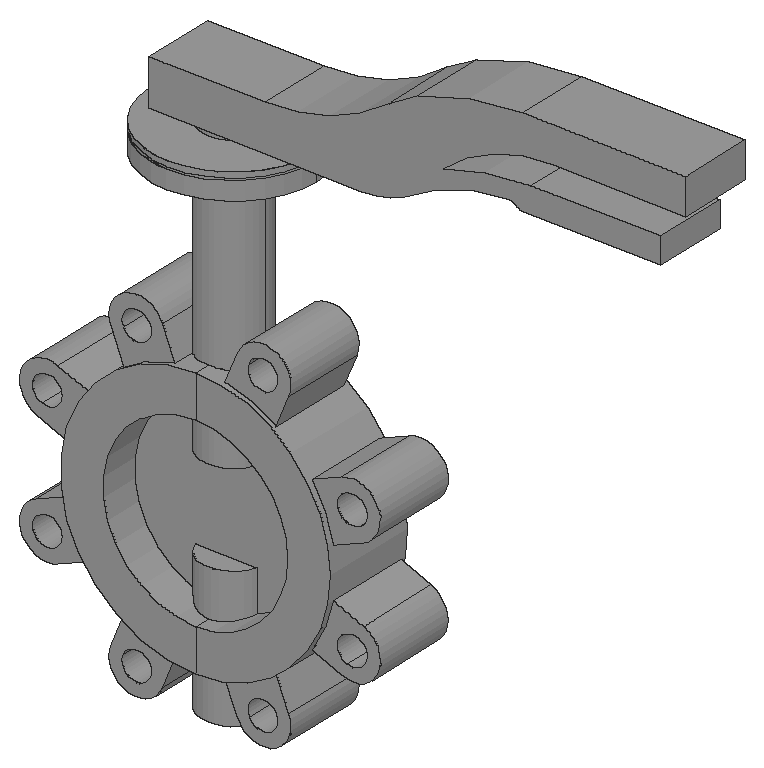
Revit family "2M_Butterfly Valve_UNIVAL_BLN-0202 - 40-600 mm", category Pipe Accessories, Revit 2016
Family settings
  Part Type = Valve - Breaks Into
  Round Connector Dimension = Use Diameter
  OmniClass Number = 23.65.55.14.17
  OmniClass Title = Adjusting/Controlling Valves for Liquid Services
  Work Plane-Based = No
  Always vertical = Yes
  Cut with Voids When Loaded = No
  Shared = No
Parameters (values of type "DN100")
  d = 16 mm
  built-in parameter 1114242 [instance] = 1
  T = -10 mm
  Symbol_consist = E / 30 * 17  # 29.183 mm
  Seat Material = "EPDM, NBR"  # constant formula
  Loss Method = K Coefficient from Table
  Kv = 760
  LugHole_pcs = 8
  LugrAxis_dist = Body_r + 12 mm  # 85 mm
  URL = "http://www.unival.com.tr/"
  Stem_top_h = 1 mm
  Standard No = "TS EN 593+A1"
  Pressure Rating = "PN16"
  Operator Type = M_Handle - Curved : Lever_260mm
  Model = "BLN-0202X100"
  Max. Working Temperature = "EPDM 120°C (water), NBR 90°C (water and petroleum oil)"
  Max. Working Pressure = "11 Bar"
  Max Diff. Pressure (Allowed) = "3 Bar"
  Manufacturer = "Giacomini Unival\r\nGiacomini Unival"
  K Coefficient Table = "Butterfly Valve Full Open"
  Gasket Material = "EPDM / NBR"
  Stem_D = 34.5 mm
  Disc_r = DN / 2  # 50 mm
  Disc Material = "Stainless steel"  # constant formula
  Description TR = "Lug tipi kelebek vana"  # constant formula
  Description = "Lug type butterfly valve"  # constant formula
  Lug_do = d + 14 mm  # 30 mm
  DN = 100 mm
  D = 90 mm
  Connection Type = "Lug"
  Certifications = "TSE EAC CE"
  E = 51.5 mm
  Body Material = "Cast iron"
  Body_r = DN / 2 + 23 mm  # 73 mm
  B = 100 mm
  Lug_angle = 22.50°
  A = 180 mm
Types (15, lengths in mm): name | d | T | Symbol_consist | Kv | LugHole_pcs | LugrAxis_dist | Stem_top_h | Operator Type | Model | Max Diff. Pressure (Allowed) | Gasket Material | Stem_D | Disc_r | Lug_do | DN | D | E | Body_r | B | Lug_angle | A
  DN100 | 16 | -10 | 29.183 | 760 | 8 | 85 | 1 | M_Handle - Curved : Lever_260mm | "BLN-0202X100" | "3 Bar" | "EPDM / NBR" | 34.5 | 50 | 30 | 100 | 90 | 51.5 | 73 | 100 | 22.50° | 180
  DN250 | 24 | -10 | 38.817 | 5050 | 12 | 160 | 26 | M_Handle - Curved : Lever_416mm | "BLN-0202X250" | "1.5 Bar" | "EPDM, NBR" | 45.888 | 125 | 38 | 250 | 125 | 68.5 | 148 | 200 | 30.00° | 274
  DN40 | 16 | -10 | 19.55 | 49.5 | 4 | 55 | 1 | M_Handle - Curved : Lever_260mm | "BLN-0202X040" | "3 Bar" | "EPDM, NBR" | 23.112 | 20 | 30 | 40 | 90 | 34.5 | 43 | 63.5 | 90.00° | 140
  DN50 | 16 | -10 | 24.367 | 115 | 4 | 60 | 1 | M_Handle - Curved : Lever_260mm | "BLN-0202X050" | "3 Bar" | "EPDM, NBR" | 28.806 | 25 | 30 | 50 | 90 | 43 | 48 | 68.5 | 90.00° | 140
  DN65 | 16 | -10 | 25.5 | 255 | 4 | 67.5 | 1 | M_Handle - Curved : Lever_260mm | "BLN-0202X065" | "3 Bar" | "EPDM, NBR" | 30.146 | 32.5 | 30 | 65 | 90 | 45 | 55.5 | 76 | 90.00° | 152
  DN80 | 16 | -10 | 26.067 | 375 | 4 | 75 | 1 | M_Handle - Curved : Lever_260mm | "BLN-0202X080" | "3 Bar" | "EPDM, NBR" | 30.816 | 40 | 30 | 80 | 90 | 46 | 63 | 85 | 90.00° | 160
  DN125 | 16 | -10 | 31.733 | 1030 | 8 | 97.5 | 1 | M_Handle - Curved : Lever_260mm | "BLN-0202X125" | "3 Bar" | "EPDM, NBR" | 37.515 | 62.5 | 30 | 125 | 90 | 56 | 85.5 | 120 | 22.50° | 191
  DN150 | 16 | -10 | 32.017 | 1790 | 8 | 110 | 1 | M_Handle - Curved : Lever_260mm | "BLN-0202X150" | "3 Bar" | "EPDM, NBR" | 37.85 | 75 | 30 | 150 | 90 | 56.5 | 98 | 132 | 22.50° | 202
  DN200 | 20 | -10 | 34 | 3450 | 12 | 135 | 23 | M_Handle - Curved : Lever_326mm | "BLN-0202X200" | "3 Bar" | "EPDM, NBR" | 40.194 | 100 | 34 | 200 | 125 | 60 | 123 | 160 | 30.00° | 237
  DN300 | 24 | -10 | 45.05 | 7420 | 12 | 185 | 26 | M_Handle - Curved : Lever_416mm | "BLN-0202X300" | "1.5 Bar" | "EPDM, NBR" | 53.257 | 150 | 38 | 300 | 125 | 79.5 | 173 | 230 | 30.00° | 312
  DN350 | 24 | -24 | 44.2 | 10300 | 16 | 210 | 1 | M_Gear - Operator  : GearS | "BLN-0202X350" | "" | "EPDM, NBR" | 52.252 | 175 | 38 | 350 | 125 | 78 | 198 | 280 | 11.25° | 368
  DN400 | 27 | -25 | 49.867 | 14007 | 16 | 235 | 1 | M_Gear - Operator  : GearM | "BLN-0202X400" | "" | "EPDM, NBR" | 58.951 | 200 | 41 | 400 | 175 | 88 | 223 | 310 | 11.25° | 400
  DN450 | 27 | -26 | 61.767 | 18551 | 20 | 260 | 1 | M_Gear - Operator  : GearM | "BLN-0202X450" | "" | "EPDM, NBR" | 73.019 | 225 | 41 | 450 | 175 | 109 | 248 | 340 | 90.00° | 422
  DN500 | 30 | -25 | 71.967 | 23853 | 20 | 285 | 1 | M_Gear - Operator  : GearL | "BLN-0202X500" | "" | "EPDM, NBR" | 85.078 | 250 | 44 | 500 | 210 | 127 | 273 | 388 | 90.00° | 480
  DN600 | 33 | -30 | 87.267 | 36894 | 20 | 335 | 1 | M_Gear - Operator  : GearL | "BLN-0202X600" | "" | "EPDM, NBR" | 103.165 | 300 | 47 | 600 | 210 | 154 | 323 | 450 | 30.00° | 562
Reference planes
  plane 1 "Center (Front/Back)": y = 0
  plane 2: z = 0
  plane 3 "Center (Left/Right)": x = 0
  plane 4 "Disk": z = 50
  plane 5 "Disc 2": z = -50
  plane 6 "A": z = 180
  plane 7: z = -100
  plane 8: z = 25
  plane 9: z = -25
  plane 10 "Handle_Plane": z = 181
  plane 11 "Wafer 2": y = 25.75
  plane 12 "Wafer": y = -25.75
  plane 13: x = -84.994
  plane 14: x = 84.994
Forms (mm)
  Extrusion 1, solid, material "UNIVAL_Grey", detail levels fine
    sketch origin (0, 0, 0) x (1, 0, 0) y (0, 0, 1)
      loop
        circle (0, 0) r 50
    from -5 to 5
  Revolve 2, solid, material "UNIVAL_IRON", detail levels fine
    sketch origin (0, 0, 0) x (0, 1, 0) y (0, 0, 1)
      loop
        line (25.75, 73) -> (-25.75, 73) -> (-25.75, 50) -> (25.75, 50) -> (25.75, 73)
      axis (25.75, 0) -> (-25.75, 0)
    angle from 0 to 360
  Extrusion 3, solid, material "UNIVAL_IRON", detail levels fine
    sketch origin (0, 0, 0) x (1, 0, 0) y (0, 1, 0)
      loop
        circle (0, 0) r 17.25
    from 50 to 180
  Extrusion 4, solid, material "UNIVAL_IRON", detail levels fine
    sketch origin (0, 0, 0) x (1, 0, 0) y (0, 1, 0)
      loop
        circle (0, 0) r 17.25
    from -100 to -50
  Extrusion 5, solid, material "UNIVAL_IRON", detail levels fine
    sketch origin (0, 0, 180) x (1, 0, 0) y (0, 1, 0)
      loop
        circle (0, 0) r 45
    from -10 <- "T" to 0
  Extrusion 6, solid, material "UNIVAL_Grey", detail levels fine
    sketch origin (0, 0, 50) x (-1, 0, 0) y (0, -1, 0)
      loop
        circle (0, 0) r 17.25
    from -25 to 0
  Extrusion 7, solid, material "UNIVAL_Grey", detail levels fine
    sketch origin (0, 0, -50) x (-1, 0, 0) y (0, -1, 0)
      loop
        circle (0, 0) r 17.25
    from 0 to 25
  Extrusion 8, solid, material "UNIVAL_IRON", detail levels fine
    sketch origin (-1351.99, -1524, 180) x (-1, 0, 0) y (0, -1, 0)
      loop
        circle (-1351.99, -1524) r 45
    from 0 to 1 <- "Stem_top_h"
Cuts and joins
  joined: Revolve 2, Extrusion 3, Extrusion 4, Extrusion 5
  joined: Extrusion 1, Extrusion 6, Extrusion 7
Lines and regions (mm)
  model lines, detail levels coarse+medium
    curve 1: line (-14.592, 25.75, 0) -> (14.592, 25.75, 0)
    curve 3: line (14.592, -25.75, 0) -> (-14.592, -25.75, 0)
    curve 5: line (-14.592, -25.75, 0) -> (14.592, 25.75, 0)
    curve 6: line (14.592, -25.75, 0) -> (-14.592, 25.75, 0)
  model lines, not visible, detail levels coarse+medium
    curve 2: line (-14.592, -25.75, 0) -> (-14.592, 25.75, 0)
    curve 4: line (14.592, 25.75, 0) -> (14.592, -25.75, 0)
  reference lines
    curve 7: line (0, 25.75, 0) -> (13.899, 25.75, 33.556)
Dimensions and locks
  equal spacing: Revolve 2 sketch curve, plane 1 "Center (Front/Back)", Revolve 2 sketch curve
  "E": Revolve 2 sketch curve to Revolve 2 sketch curve
  "Disc_r": Revolve 2 sketch curve to Revolve 2 sketch curve
  "Body_r": Revolve 2 sketch curve to Revolve 2 sketch curve
  "Disc_r": plane 4 "Disk" to plane 2
  "Disc_r": level to plane 5 "Disc 2"
  "A": plane 6 "A" to plane 2
  "B": level to plane 7
  equal spacing: plane 4 "Disk", plane 8, level
  equal spacing: level, plane 9, plane 5 "Disc 2"
  "Stem_top_h": plane 10 "Handle_Plane" to plane 6 "A"
  "E": plane 12 "Wafer" to plane 11 "Wafer 2"
  equal spacing: plane 12 "Wafer", plane 1 "Center (Front/Back)", plane 11 "Wafer 2"
  "Symbol_consist": curve 2 to curve 1
  equal spacing: curve 2, plane 3 "Center (Left/Right)", curve 4
  "Disc_r": radius of Extrusion 1 sketch curve
  "Stem_D": diameter of Extrusion 3 sketch curve
  "Stem_D": diameter of Extrusion 4 sketch curve
  "D": diameter of Extrusion 5 sketch curve
  "Stem_D": diameter of Extrusion 6 sketch curve
  "Stem_D": diameter of Extrusion 7 sketch curve
  "D": diameter of Extrusion 8 sketch curve
  "Lug_angle": angle curve 7 to plane 3 "Center (Left/Right)"
  aligned and locked: level to plane 2
  aligned and locked: Revolve 2 sketch curve to level
  aligned and locked: Extrusion 3 to plane 4 "Disk"
  aligned and locked: plane 6 "A" to Extrusion 3
  aligned and locked: plane 5 "Disc 2" to Extrusion 4
  aligned and locked: plane 7 to Extrusion 4
  aligned and locked: Extrusion 6 to Extrusion 3
  aligned and locked: Extrusion 6 to plane 8
  aligned and locked: plane 9 to Extrusion 7
  aligned and locked: Extrusion 7 to plane 5 "Disc 2"
Automatic sketch dimensions
  Extrusion 1 sketch curve to level = 0 mm
  Extrusion 1 sketch curve to plane 3 "Center (Left/Right)" = 0 mm
  plane 12 "Wafer" to Revolve 2 sketch curve = 2821.218 mm
  Revolve 2 sketch curve to plane 11 "Wafer 2" = 1437.719 mm
  plane 1 "Center (Front/Back)" to Extrusion 3 sketch curve = 0 mm
  Extrusion 3 sketch curve to plane 3 "Center (Left/Right)" = 0 mm
  plane 1 "Center (Front/Back)" to Extrusion 4 sketch curve = 0 mm
  Extrusion 4 sketch curve to plane 3 "Center (Left/Right)" = 0 mm
  plane 1 "Center (Front/Back)" to Extrusion 6 sketch curve = 0 mm
  Extrusion 6 sketch curve to plane 3 "Center (Left/Right)" = 0 mm
  plane 1 "Center (Front/Back)" to Extrusion 7 sketch curve = 0 mm
  Extrusion 7 sketch curve to plane 3 "Center (Left/Right)" = 0 mm
  plane 1 "Center (Front/Back)" to Extrusion 8 sketch curve = 0 mm
  Extrusion 8 sketch curve to plane 3 "Center (Left/Right)" = 0 mm
  plane 12 "Wafer" to curve 3 = 0 mm
  plane 11 "Wafer 2" to curve 2 = 0 mm
  curve 7 to level = 0 mm
  curve 7 to plane 3 "Center (Left/Right)" = 0 mm
Nested families
  nested 1: "M_Handle - Curved" at (0, 0, 181), type <- "Operator Type", type "Lever_260mm", detail levels fine
    with Stem_D 34.5 mm
  nested 2: "M_Lug" at (0, 25.75, 0) x (0.9239, 0, 0.3827) z (0, -1, 0), type "M_Lug", detail levels fine
    with Wafer_d 48.5 mm, HoleNumber 8, Distance 85 mm, Body_depth 51.5 mm
Connectors
  piping at (0, -25.75, 0), diameter 100, driven by "DN"
    settings: on Revolve 2, index 1, connector inside diameter 609.6 mm, connector length 0 mm, flow factor 0, pipe flow 0.0 L/s, pressure drop 0.0 Pa, fitting loss kfactor 0, connector angle 0.00°, fixture units 0, engagement length 0 mm, angle of deflection 0.00°, flow configuration 0, flow direction 0, fitting loss method 0, system type 29, joint type 0, gender type 0, connector reference index 2, connector utility 0, adjustable connector no, is connector primary yes, connector description ""
  piping at (0, 25.75, 0), diameter 100, driven by "DN"
    settings: on Revolve 2, index 2, connector inside diameter 609.6 mm, connector length 0 mm, flow factor 0, pipe flow 0.0 L/s, pressure drop 0.0 Pa, fitting loss kfactor 0, connector angle 0.00°, fixture units 0, engagement length 0 mm, angle of deflection 0.00°, flow configuration 0, flow direction 0, fitting loss method 0, system type 29, joint type 0, gender type 0, connector reference index 1, connector utility 0, adjustable connector no, is connector primary no, connector description ""
Definition of nested family "M_Handle - Curved"
  Parameters (values of type "Lever_326mm")
    Stem_D = 23.112 mm
    L_Handle = 260 mm
    L2 = L1 + 3 mm  # 140 mm
    L1 = 137 mm
    Default Elevation = 1219.2 mm
    D_Handle = 23.112 mm
  Types (3, lengths in mm): name | L_Handle | L2 | L1 | D_Handle
    Lever_260mm | 26 | 74 | 71 | 90
    Lever_326mm | 260 | 140 | 137 | 23.112
    Lever_416mm | 260 | 230 | 227 | 23.112
  Reference planes
    plane 1 "Center (Front/Back)": y = 0
    plane 2: z = 0
    plane 3 "Center (Left/Right)": x = 0
  Forms (mm)
    Extrusion 1, solid
      sketch origin (0, 0, 0) x (1, 0, 0) y (0, 1, 0)
        loop
          line (-360, 340) -> (-360, -334.649) -> (361.39, -334.649) -> (361.39, 340) -> (-360, 340)
      from 0 to -82.308
    Extrusion 2, solid
      sketch origin (-41.968, 0, -746.489) x (1, 0, 0) y (0, 0, 1)
        loop
          line (11.968, 753.489) -> (127.16, 753.489)
          arc (127.16, 753.489) -> (139.188, 755.108) -> (150.552, 759.372) r 54.013
          arc (150.552, 759.372) -> (176.894, 772.229) -> (205.698, 777.663) r 109.864
          arc (205.698, 777.663) -> (208.156, 777.429) -> (210.44, 776.49) r 8.395
          arc (210.44, 776.49) -> (212.221, 774.984) -> (214.509, 774.535) r 4.642
          line (214.509, 774.535) -> (354.509, 774.535) -> (354.509, 788.507) -> (218.712, 788.507)
          arc (218.712, 788.507) -> (194.423, 786.381) -> (170.871, 780.071) r 139.878
          arc (170.871, 780.071) -> (198.908, 796.978) -> (231.113, 802.867) r 90.996
          line (231.113, 802.867) -> (368.113, 802.867) -> (368.113, 822.274) -> (214.272, 822.274)
          arc (214.272, 822.274) -> (185.304, 818.955) -> (157.465, 810.285) r 155.405
          line (157.465, 810.285) -> (141.473, 801.155)
          arc (141.473, 801.155) -> (109.966, 784.24) -> (74.686, 778.393) r 109.363
          line (74.686, 778.393) -> (11.968, 778.393) -> (11.968, 753.489)
      from -20 to 20
    Extrusion 3, solid
      sketch origin (0, 0, 0) x (1, 0, 0) y (0, 1, 0)
        loop
          circle (0, 0) r 11.556
      from 0 to 3
    Extrusion 4, solid
      sketch origin (0, 0, 0) x (1, 0, 0) y (0, 1, 0)
        loop
          circle (0, 0) r 11.556
      from 0 to 7
  Dimensions and locks
    "L2": Extrusion 2 sketch curve to Extrusion 2 sketch curve
    Extrusion 2 to plane 3 "Center (Left/Right)" = 326.145 mm
    "D_Handle": diameter of Extrusion 3 sketch curve
    "D_Handle": diameter of Extrusion 3
    "Stem_D": diameter of Extrusion 4 sketch curve
    aligned and locked: plane 2 to Extrusion 1
    aligned and locked: level to Extrusion 1
    aligned and locked: plane 1 "Center (Front/Back)" to Extrusion 3 sketch curve
    aligned and locked: plane 1 "Center (Front/Back)" to Extrusion 4 sketch curve
    aligned and locked: plane 3 "Center (Left/Right)" to Extrusion 4 sketch curve
  Automatic sketch dimensions
    Extrusion 1 sketch curve to Extrusion 1 sketch curve = 721.39 mm
    Extrusion 1 sketch curve to Extrusion 1 sketch curve = 674.649 mm
    Extrusion 2 sketch curve to plane 3 "Center (Left/Right)" = 30 mm
    plane 3 "Center (Left/Right)" to Extrusion 2 sketch curve = 32.717 mm
    Extrusion 2 sketch curve to Extrusion 2 sketch curve = 51.329 mm
    level to Extrusion 2 sketch curve = 7 mm
    Extrusion 2 sketch curve to Extrusion 2 sketch curve = 1.145 mm
    Extrusion 2 sketch curve to Extrusion 2 sketch curve = 15.459 mm
    Extrusion 2 sketch curve to Extrusion 2 sketch curve = 15.992 mm
    Extrusion 2 sketch curve to Extrusion 2 sketch curve = 48.675 mm
    Extrusion 2 sketch curve to Extrusion 2 sketch curve = 5.341 mm
    Extrusion 2 sketch curve to Extrusion 2 sketch curve = 8.091 mm
    Extrusion 2 sketch curve to Extrusion 2 sketch curve = 0.041 mm
    Extrusion 2 sketch curve to Extrusion 2 sketch curve = 0.278 mm
    Extrusion 2 sketch curve to Extrusion 2 sketch curve = 5.915 mm
    Extrusion 2 sketch curve to Extrusion 2 sketch curve = 4.482 mm
    Extrusion 2 sketch curve to Extrusion 2 sketch curve = 13.718 mm
    Extrusion 2 sketch curve to Extrusion 2 sketch curve = 13.605 mm
    Extrusion 2 sketch curve to level = 34.618 mm
    Extrusion 2 sketch curve to Extrusion 2 sketch curve = 43.92 mm
    Extrusion 2 sketch curve to Extrusion 2 sketch curve = 1.051 mm
    Extrusion 2 sketch curve to Extrusion 2 sketch curve = 18.272 mm
    level to Extrusion 2 sketch curve = 22.79 mm
    Extrusion 2 sketch curve to Extrusion 2 sketch curve = 5.255 mm
    level to Extrusion 2 sketch curve = 31.903 mm
    Extrusion 2 sketch curve to Extrusion 2 sketch curve = 4.633 mm
    Extrusion 2 sketch curve to Extrusion 2 sketch curve = 13.971 mm
    Extrusion 2 sketch curve to Extrusion 2 sketch curve = 47.666 mm
    Extrusion 2 sketch curve to Extrusion 2 sketch curve = 14.361 mm
    Extrusion 2 sketch curve to Extrusion 2 sketch curve = 6.336 mm
    Extrusion 2 sketch curve to Extrusion 2 sketch curve = 9.13 mm
    level to Extrusion 2 sketch curve = 12.883 mm
    Extrusion 2 sketch curve to Extrusion 2 sketch curve = 0 mm
    Extrusion 3 sketch curve to plane 3 "Center (Left/Right)" = 0 mm
Definition of nested family "M_Lug"
  Parameters (values of type "M_Lug")
    d = 16 mm
    Wafer_d = Body_depth - 3 mm  # 18.2 mm
    Hole_do = 30 mm
    HoleNumber = 4
    Distance = 78.687 mm
    Default Elevation = 1219.2 mm
    Body_depth = 21.2 mm
  Reference planes
    plane 1 "Center (Front/Back)": y = 0
    plane 2: z = 0
    plane 3 "Center (Left/Right)": x = 0
  Forms (mm)
    Extrusion 1, solid
      sketch origin (0, 0, 0) x (1, 0, 0) y (0, 1, 0)
        loop
          line (-1219.2, 1219.2) -> (-1219.2, -1219.2) -> (1219.2, -1219.2) -> (1219.2, 1219.2) -> (-1219.2, 1219.2)
      from 0 to -304.8
    Extrusion 2, solid
      sketch origin (0, 59.448, 0) x (1, 0, 0) y (0, 1, 0)
        loop
          circle (0, 23.479) r 8
        loop
          arc (15, 23.479) -> (0, 38.479) -> (-15, 23.479) r 15
          line (-15, 23.479) -> (-15, 0) -> (15, 0) -> (15, 23.479)
      from 3 to 18.2 <- "Wafer_d"
    Extrusion 3, solid
      sketch origin (59.448, 0, 0) x (0, -1, 0) y (1, 0, 0)
        loop
          circle (0, 23.479) r 8
        loop
          arc (15, 23.479) -> (0, 38.479) -> (-15, 23.479) r 15
          line (-15, 23.479) -> (-15, 0) -> (15, 0) -> (15, 23.479)
      from 3 to 18.2 <- "Wafer_d"
    Extrusion 4, solid
      sketch origin (-59.448, 0, 0) x (0, 1, 0) y (-1, 0, 0)
        loop
          circle (0, 23.479) r 8
        loop
          arc (15, 23.479) -> (0, 38.479) -> (-15, 23.479) r 15
          line (-15, 23.479) -> (-15, 0) -> (15, 0) -> (15, 23.479)
      from 3 to 18.2 <- "Wafer_d"
    Extrusion 5, solid
      sketch origin (0, -59.448, 0) x (-1, 0, 0) y (0, -1, 0)
        loop
          circle (0, 23.479) r 8
        loop
          arc (15, 23.479) -> (0, 38.479) -> (-15, 23.479) r 15
          line (-15, 23.479) -> (-15, 0) -> (15, 0) -> (15, 23.479)
      from 3 to 18.2 <- "Wafer_d"
  Dimensions and locks
    "d": diameter of Extrusion 2 sketch curve
    "Hole_do": diameter of Extrusion 2 sketch curve
    "d": diameter of Extrusion 3 sketch curve
    "Hole_do": diameter of Extrusion 3 sketch curve
    "d": diameter of Extrusion 4 sketch curve
    "Hole_do": diameter of Extrusion 4 sketch curve
    "Distance": radius of radial array
    "d": diameter of Extrusion 5 sketch curve
    "Hole_do": diameter of Extrusion 5 sketch curve
    aligned and locked: plane 2 to Extrusion 1
    aligned and locked: level to Extrusion 1
  Automatic sketch dimensions
    Extrusion 1 sketch curve to Extrusion 1 sketch curve = 2438.4 mm  (x2)
    Extrusion 2 sketch curve to Extrusion 2 sketch curve = 0 mm  (x4)
    Extrusion 2 sketch curve to Extrusion 2 sketch curve = 23.479 mm
    Extrusion 3 sketch curve to Extrusion 3 sketch curve = 0 mm  (x4)
    Extrusion 3 sketch curve to Extrusion 3 sketch curve = 23.479 mm
    Extrusion 4 sketch curve to Extrusion 4 sketch curve = 0 mm  (x4)
    Extrusion 4 sketch curve to Extrusion 4 sketch curve = 23.479 mm
    Extrusion 5 sketch curve to Extrusion 5 sketch curve = 0 mm  (x4)
    Extrusion 5 sketch curve to Extrusion 5 sketch curve = 23.479 mm
